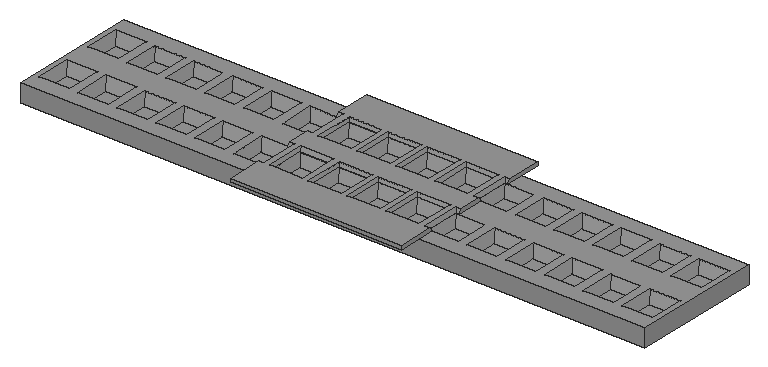
Revit family "2023691", category Lighting Fixtures, host Face, Revit 2018
Family settings
  Host = Face
  Round Connector Dimension = Use Diameter
  Part Type = Normal
  OmniClass Number = 23.80.70.00
  OmniClass Title = Lighting
  Cut with Voids When Loaded = No
  Light Source = Yes
  Shared = No
  Room Calculation Point = No
Parameters (values of type "2023691 OPTIX R 1250 2L 4K WHT")
  Weight = "n/a"
  Wattage Comments = ""
  Wattage = 9.2903 W
  WarrantyStartDate [instance] = "n/a"
  WarrantyGuarantorParts = "n/a"
  WarrantyDurationUnit = "n/a"
  WarrantyDurationParts = ""
  WarrantyDescription = "http://www.sylvania-lighting.com"
  built-in parameter 1150110 = 1 (stored number, unit not read)
  Voltage = 0 V
  URL = "0.95"
  TypeName = "OPTIX RECESSED 1250 2L 4000K WHT"
  Type Image = <None>
  Type Comments = "n/a"
  built-in parameter 1114217 = 1 (stored number, unit not read)
  Tilt Angle = -90.00°
  built-in parameter 1150109 = 1 (stored number, unit not read)
  built-in parameter 1150134 = 3
  built-in parameter 1150113 = 1 (stored number, unit not read)
  SerialNumber [instance] = "n/a"
  Photometric Web File = "2023691.ies"
  Material_3_SYL = none
  PowerFactor = 0
  PowerConsumption = "Lighting"
  NominalLength = 308.5 mm
  NominalHeight = 38 mm
  NominalDepth = 308 mm
  Name = "OPTIX RECESSED 1250 2L 4000K WHT"
  ModelReference = Name  # "OPTIX RECESSED 1250 2L 4000K WHT"
  ModelNumber = "2023691"
  Model = Name  # "OPTIX RECESSED 1250 2L 4000K WHT"
  Material = "Feilo Sylvania"
  ManufacturerName = "144 lm/W"
  Manufacturer = ""
  LuminousEfficacy = ""
  built-in parameter 1150105 = 109.82 (stored number, unit not read)
  Lumens = 1380 lm
  LuminaireType = "0"
  built-in parameter 1150115 = 1 (stored number, unit not read)
  LightOutputRatio = "LED"
  built-in parameter 1150137 = (empty or 0)
  built-in parameter 1150139 = (empty or 0)
  LampsType = Lamp  # "n/a"
  LampNominalLuminous = "4000 K"
  LampMacAdamStep = "80"
  LampColourTemperature = "LED"
  LampColourRenderingIndex = "16500"
  built-in parameter 1150112 = 1 (stored number, unit not read)
  built-in parameter 1150114 = 1 (stored number, unit not read)
  Lamp = "n/a"
  Keynote = "n/a"
  InstallationDate [instance] = "n/a"
  InputVoltage = "0"
  InputNominalFrequency = "4000"
  built-in parameter 1150132 = (empty or 0)
  built-in parameter 1150102 = (empty or 0)
  built-in parameter 1150107 = 3200 (stored number, unit not read)
  built-in parameter 1150138 = (empty or 0)
  IngressProtection = "IfcLightFixtureType"
  ImpactProtectionIndex = "IfcLightFixtureType"
  built-in parameter 1150106 = 1.0982 (stored number, unit not read)
  IfcExportType = "IfcLightFixtureType"
  IfcExportAs = "Class I"
  Emit from Circle Diameter = 609.6 mm
  Emit Shape Visible in Rendering = no
  ElectricShockClassification = "144"
  built-in parameter 1150104 = 13.8 (stored number, unit not read)
  DocumentationLiterature = "http://www.sylvania-lighting.com/product/en-int/products/2023691"
  DimmingControlOptions = "n/a"
  Material_2_SYL = none
  Dimming Lamp Color Temperature Shift = <None>
  Description = "OPTIX RECESSED 1250x310 2L 4000K WHT is a high efficacy low glare luminaire for office and education applications. Ceiling recessed 1250x310 mm. White plastic low glare optics in 2 lines configuration. White RAL9016 fixture body. Constant current driver. 4000K Neutral White LED, CRI>80, chromaticity tolerance of 3-step MacAdam ellipse. Luminous flux 3450lm. Power consumption 24W. Luminaire efficacy 144lm/W. Lifespan: 48,500 hours L90B10. UGR<19, Luminance at 65°<3000 Cd/m2, IK07, IP20. Photobiological safety risk group 0. Electrical protection Class I. Glow wire test 850°C."
  Default Elevation = 1219.2 mm
  CreatedOn = "13/10/2022"
  CreatedBy = "@sylvania-lighting.com"
  Cost = 0
  Color Filter = 16777215
  built-in parameter 1114216 [instance] = (empty or 0)
  ClassificationValue = "EF_70_80"
  ClassificationName = "Uniclass2015"
  Material_1_SYL = none
  BarCode [instance] = "n/a"
  built-in parameter 1114218 = 1 (stored number, unit not read)
  built-in parameter 1150133 = 10 (stored number, unit not read)
  AssetType = "Fixed"
  AssetIdentifier [instance] = "n/a"
  Assembly Code = "D5020200"
  Apparent Load = 24 VA
  Material_4_SYL = none
Reference planes
  plane 1 "Center (Front/Back)": y = 0
  plane 2: z = 0
  plane 3 "Center (Left/Right)": x = 0
  plane 4: x = -154.25
  plane 5: x = 154.25
  plane 6: y = 154
  plane 7: y = -154
  plane 8: z = -32
  plane 9: z = 6
  plane 10: y = -116
  plane 11: y = 116
  plane 12: x = -563
  plane 13: x = 563
  plane 14: y = 90
  plane 15: y = -90
  plane 16: x = 275
  plane 17: x = 285
  plane 18: x = 345
  plane 19: x = 355
  plane 20: x = 415
  plane 21: x = 425
  plane 22: x = 485
  plane 23: x = 495
  plane 24: x = -275
  plane 25: x = -285
  plane 26: x = -345
  plane 27: x = -355
  plane 28: x = -415
  plane 29: x = -425
  plane 30: x = -485
  plane 31: x = -495
Forms (mm)
  Extrusion 1, solid, material "Aluminum", detail levels medium+fine
    sketch origin (0, 0, 0) x (1, 0, 0) y (0, 1, 0)
      loop
        line (-154.25, 154) -> (-154.25, -154) -> (154.25, -154) -> (154.25, 154) -> (-154.25, 154)
    from 0 to 6
  Extrusion 2, solid, material "Aluminum", detail levels medium+fine
    sketch origin (0, 0, 0) x (1, 0, 0) y (0, 1, 0)
      loop
        line (-563, 116) -> (-563, -116) -> (563, -116) -> (563, 116) -> (-563, 116)
    from 0 to -32
  Blend 3, void
    base sketch origin (0.2, -114, 0) x (1, 0, 0) y (0, 1, 0)
      loop
        line (-275.2, 204) -> (-275.2, 134) -> (-215.2, 134) -> (-215.2, 204) -> (-275.2, 204)
    top sketch origin (0.2, -114, 0) x (1, 0, 0) y (0, 1, 0)
      loop
        line (-265.2, 189) -> (-265.2, 149) -> (-225.2, 149) -> (-225.2, 189) -> (-265.2, 189)
    from 6 to -19
  Blend 4, void
    base sketch origin (70.2, -114, 0) x (1, 0, 0) y (0, 1, 0)
      loop
        line (-275.2, 204) -> (-275.2, 134) -> (-215.2, 134) -> (-215.2, 204) -> (-275.2, 204)
    top sketch origin (70.2, -114, 0) x (1, 0, 0) y (0, 1, 0)
      loop
        line (-265.2, 189) -> (-265.2, 149) -> (-225.2, 149) -> (-225.2, 189) -> (-265.2, 189)
    from 6 to -19
  Blend 5, void
    base sketch origin (140.2, -114, 0) x (1, 0, 0) y (0, 1, 0)
      loop
        line (-275.2, 204) -> (-275.2, 134) -> (-215.2, 134) -> (-215.2, 204) -> (-275.2, 204)
    top sketch origin (140.2, -114, 0) x (1, 0, 0) y (0, 1, 0)
      loop
        line (-265.2, 189) -> (-265.2, 149) -> (-225.2, 149) -> (-225.2, 189) -> (-265.2, 189)
    from 6 to -19
  Blend 6, void
    base sketch origin (210.2, -114, 0) x (1, 0, 0) y (0, 1, 0)
      loop
        line (-275.2, 204) -> (-275.2, 134) -> (-215.2, 134) -> (-215.2, 204) -> (-275.2, 204)
    top sketch origin (210.2, -114, 0) x (1, 0, 0) y (0, 1, 0)
      loop
        line (-265.2, 189) -> (-265.2, 149) -> (-225.2, 149) -> (-225.2, 189) -> (-265.2, 189)
    from 6 to -19
  Blend 7, void
    base sketch origin (280.2, -114, 0) x (1, 0, 0) y (0, 1, 0)
      loop
        line (-275.2, 204) -> (-275.2, 134) -> (-215.2, 134) -> (-215.2, 204) -> (-275.2, 204)
    top sketch origin (280.2, -114, 0) x (1, 0, 0) y (0, 1, 0)
      loop
        line (-265.2, 189) -> (-265.2, 149) -> (-225.2, 149) -> (-225.2, 189) -> (-265.2, 189)
    from 6 to -19
  Blend 8, void
    base sketch origin (350.2, -114, 0) x (1, 0, 0) y (0, 1, 0)
      loop
        line (-275.2, 204) -> (-275.2, 134) -> (-215.2, 134) -> (-215.2, 204) -> (-275.2, 204)
    top sketch origin (350.2, -114, 0) x (1, 0, 0) y (0, 1, 0)
      loop
        line (-265.2, 189) -> (-265.2, 149) -> (-225.2, 149) -> (-225.2, 189) -> (-265.2, 189)
    from 6 to -19
  Blend 9, void
    base sketch origin (420.2, -114, 0) x (1, 0, 0) y (0, 1, 0)
      loop
        line (-275.2, 204) -> (-275.2, 134) -> (-215.2, 134) -> (-215.2, 204) -> (-275.2, 204)
    top sketch origin (420.2, -114, 0) x (1, 0, 0) y (0, 1, 0)
      loop
        line (-265.2, 189) -> (-265.2, 149) -> (-225.2, 149) -> (-225.2, 189) -> (-265.2, 189)
    from 6 to -19
  Blend 10, void
    base sketch origin (490.2, -114, 0) x (1, 0, 0) y (0, 1, 0)
      loop
        line (-275.2, 204) -> (-275.2, 134) -> (-215.2, 134) -> (-215.2, 204) -> (-275.2, 204)
    top sketch origin (490.2, -114, 0) x (1, 0, 0) y (0, 1, 0)
      loop
        line (-265.2, 189) -> (-265.2, 149) -> (-225.2, 149) -> (-225.2, 189) -> (-265.2, 189)
    from 6 to -19
  Blend 11, void
    base sketch origin (560.2, -114, 0) x (1, 0, 0) y (0, 1, 0)
      loop
        line (-275.2, 204) -> (-275.2, 134) -> (-215.2, 134) -> (-215.2, 204) -> (-275.2, 204)
    top sketch origin (560.2, -114, 0) x (1, 0, 0) y (0, 1, 0)
      loop
        line (-265.2, 189) -> (-265.2, 149) -> (-225.2, 149) -> (-225.2, 189) -> (-265.2, 189)
    from 6 to -19
  Blend 12, void
    base sketch origin (630.2, -114, 0) x (1, 0, 0) y (0, 1, 0)
      loop
        line (-275.2, 204) -> (-275.2, 134) -> (-215.2, 134) -> (-215.2, 204) -> (-275.2, 204)
    top sketch origin (630.2, -114, 0) x (1, 0, 0) y (0, 1, 0)
      loop
        line (-265.2, 189) -> (-265.2, 149) -> (-225.2, 149) -> (-225.2, 189) -> (-265.2, 189)
    from 6 to -19
  Blend 13, void
    base sketch origin (700.2, -114, 0) x (1, 0, 0) y (0, 1, 0)
      loop
        line (-275.2, 204) -> (-275.2, 134) -> (-215.2, 134) -> (-215.2, 204) -> (-275.2, 204)
    top sketch origin (700.2, -114, 0) x (1, 0, 0) y (0, 1, 0)
      loop
        line (-265.2, 189) -> (-265.2, 149) -> (-225.2, 149) -> (-225.2, 189) -> (-265.2, 189)
    from 6 to -19
  Blend 14, void
    base sketch origin (770.2, -114, 0) x (1, 0, 0) y (0, 1, 0)
      loop
        line (-275.2, 204) -> (-275.2, 134) -> (-215.2, 134) -> (-215.2, 204) -> (-275.2, 204)
    top sketch origin (770.2, -114, 0) x (1, 0, 0) y (0, 1, 0)
      loop
        line (-265.2, 189) -> (-265.2, 149) -> (-225.2, 149) -> (-225.2, 189) -> (-265.2, 189)
    from 6 to -19
  Blend 15, void
    base sketch origin (-69.8, -114, 0) x (1, 0, 0) y (0, 1, 0)
      loop
        line (-275.2, 204) -> (-275.2, 134) -> (-215.2, 134) -> (-215.2, 204) -> (-275.2, 204)
    top sketch origin (-69.8, -114, 0) x (1, 0, 0) y (0, 1, 0)
      loop
        line (-265.2, 189) -> (-265.2, 149) -> (-225.2, 149) -> (-225.2, 189) -> (-265.2, 189)
    from 6 to -19
  Blend 16, void
    base sketch origin (-139.8, -114, 0) x (1, 0, 0) y (0, 1, 0)
      loop
        line (-275.2, 204) -> (-275.2, 134) -> (-215.2, 134) -> (-215.2, 204) -> (-275.2, 204)
    top sketch origin (-139.8, -114, 0) x (1, 0, 0) y (0, 1, 0)
      loop
        line (-265.2, 189) -> (-265.2, 149) -> (-225.2, 149) -> (-225.2, 189) -> (-265.2, 189)
    from 6 to -19
  Blend 17, void
    base sketch origin (-209.8, -114, 0) x (1, 0, 0) y (0, 1, 0)
      loop
        line (-275.2, 204) -> (-275.2, 134) -> (-215.2, 134) -> (-215.2, 204) -> (-275.2, 204)
    top sketch origin (-209.8, -114, 0) x (1, 0, 0) y (0, 1, 0)
      loop
        line (-265.2, 189) -> (-265.2, 149) -> (-225.2, 149) -> (-225.2, 189) -> (-265.2, 189)
    from 6 to -19
  Blend 18, void
    base sketch origin (-279.8, -114, 0) x (1, 0, 0) y (0, 1, 0)
      loop
        line (-275.2, 204) -> (-275.2, 134) -> (-215.2, 134) -> (-215.2, 204) -> (-275.2, 204)
    top sketch origin (-279.8, -114, 0) x (1, 0, 0) y (0, 1, 0)
      loop
        line (-265.2, 189) -> (-265.2, 149) -> (-225.2, 149) -> (-225.2, 189) -> (-265.2, 189)
    from 6 to -19
  Blend 19, void
    base sketch origin (0.2, -224, 0) x (1, 0, 0) y (0, 1, 0)
      loop
        line (-275.2, 204) -> (-275.2, 134) -> (-215.2, 134) -> (-215.2, 204) -> (-275.2, 204)
    top sketch origin (0.2, -224, 0) x (1, 0, 0) y (0, 1, 0)
      loop
        line (-265.2, 189) -> (-265.2, 149) -> (-225.2, 149) -> (-225.2, 189) -> (-265.2, 189)
    from 6 to -19
  Blend 20, void
    base sketch origin (70.2, -224, 0) x (1, 0, 0) y (0, 1, 0)
      loop
        line (-275.2, 204) -> (-275.2, 134) -> (-215.2, 134) -> (-215.2, 204) -> (-275.2, 204)
    top sketch origin (70.2, -224, 0) x (1, 0, 0) y (0, 1, 0)
      loop
        line (-265.2, 189) -> (-265.2, 149) -> (-225.2, 149) -> (-225.2, 189) -> (-265.2, 189)
    from 6 to -19
  Blend 21, void
    base sketch origin (140.2, -224, 0) x (1, 0, 0) y (0, 1, 0)
      loop
        line (-275.2, 204) -> (-275.2, 134) -> (-215.2, 134) -> (-215.2, 204) -> (-275.2, 204)
    top sketch origin (140.2, -224, 0) x (1, 0, 0) y (0, 1, 0)
      loop
        line (-265.2, 189) -> (-265.2, 149) -> (-225.2, 149) -> (-225.2, 189) -> (-265.2, 189)
    from 6 to -19
  Blend 22, void
    base sketch origin (210.2, -224, 0) x (1, 0, 0) y (0, 1, 0)
      loop
        line (-275.2, 204) -> (-275.2, 134) -> (-215.2, 134) -> (-215.2, 204) -> (-275.2, 204)
    top sketch origin (210.2, -224, 0) x (1, 0, 0) y (0, 1, 0)
      loop
        line (-265.2, 189) -> (-265.2, 149) -> (-225.2, 149) -> (-225.2, 189) -> (-265.2, 189)
    from 6 to -19
  Blend 23, void
    base sketch origin (280.2, -224, 0) x (1, 0, 0) y (0, 1, 0)
      loop
        line (-275.2, 204) -> (-275.2, 134) -> (-215.2, 134) -> (-215.2, 204) -> (-275.2, 204)
    top sketch origin (280.2, -224, 0) x (1, 0, 0) y (0, 1, 0)
      loop
        line (-265.2, 189) -> (-265.2, 149) -> (-225.2, 149) -> (-225.2, 189) -> (-265.2, 189)
    from 6 to -19
  Blend 24, void
    base sketch origin (350.2, -224, 0) x (1, 0, 0) y (0, 1, 0)
      loop
        line (-275.2, 204) -> (-275.2, 134) -> (-215.2, 134) -> (-215.2, 204) -> (-275.2, 204)
    top sketch origin (350.2, -224, 0) x (1, 0, 0) y (0, 1, 0)
      loop
        line (-265.2, 189) -> (-265.2, 149) -> (-225.2, 149) -> (-225.2, 189) -> (-265.2, 189)
    from 6 to -19
  Blend 25, void
    base sketch origin (420.2, -224, 0) x (1, 0, 0) y (0, 1, 0)
      loop
        line (-275.2, 204) -> (-275.2, 134) -> (-215.2, 134) -> (-215.2, 204) -> (-275.2, 204)
    top sketch origin (420.2, -224, 0) x (1, 0, 0) y (0, 1, 0)
      loop
        line (-265.2, 189) -> (-265.2, 149) -> (-225.2, 149) -> (-225.2, 189) -> (-265.2, 189)
    from 6 to -19
  Blend 26, void
    base sketch origin (490.2, -224, 0) x (1, 0, 0) y (0, 1, 0)
      loop
        line (-275.2, 204) -> (-275.2, 134) -> (-215.2, 134) -> (-215.2, 204) -> (-275.2, 204)
    top sketch origin (490.2, -224, 0) x (1, 0, 0) y (0, 1, 0)
      loop
        line (-265.2, 189) -> (-265.2, 149) -> (-225.2, 149) -> (-225.2, 189) -> (-265.2, 189)
    from 6 to -19
  Blend 27, void
    base sketch origin (560.2, -224, 0) x (1, 0, 0) y (0, 1, 0)
      loop
        line (-275.2, 204) -> (-275.2, 134) -> (-215.2, 134) -> (-215.2, 204) -> (-275.2, 204)
    top sketch origin (560.2, -224, 0) x (1, 0, 0) y (0, 1, 0)
      loop
        line (-265.2, 189) -> (-265.2, 149) -> (-225.2, 149) -> (-225.2, 189) -> (-265.2, 189)
    from 6 to -19
  Blend 28, void
    base sketch origin (630.2, -224, 0) x (1, 0, 0) y (0, 1, 0)
      loop
        line (-275.2, 204) -> (-275.2, 134) -> (-215.2, 134) -> (-215.2, 204) -> (-275.2, 204)
    top sketch origin (630.2, -224, 0) x (1, 0, 0) y (0, 1, 0)
      loop
        line (-265.2, 189) -> (-265.2, 149) -> (-225.2, 149) -> (-225.2, 189) -> (-265.2, 189)
    from 6 to -19
  Blend 29, void
    base sketch origin (700.2, -224, 0) x (1, 0, 0) y (0, 1, 0)
      loop
        line (-275.2, 204) -> (-275.2, 134) -> (-215.2, 134) -> (-215.2, 204) -> (-275.2, 204)
    top sketch origin (700.2, -224, 0) x (1, 0, 0) y (0, 1, 0)
      loop
        line (-265.2, 189) -> (-265.2, 149) -> (-225.2, 149) -> (-225.2, 189) -> (-265.2, 189)
    from 6 to -19
  Blend 30, void
    base sketch origin (770.2, -224, 0) x (1, 0, 0) y (0, 1, 0)
      loop
        line (-275.2, 204) -> (-275.2, 134) -> (-215.2, 134) -> (-215.2, 204) -> (-275.2, 204)
    top sketch origin (770.2, -224, 0) x (1, 0, 0) y (0, 1, 0)
      loop
        line (-265.2, 189) -> (-265.2, 149) -> (-225.2, 149) -> (-225.2, 189) -> (-265.2, 189)
    from 6 to -19
  Blend 31, void
    base sketch origin (-69.8, -224, 0) x (1, 0, 0) y (0, 1, 0)
      loop
        line (-275.2, 204) -> (-275.2, 134) -> (-215.2, 134) -> (-215.2, 204) -> (-275.2, 204)
    top sketch origin (-69.8, -224, 0) x (1, 0, 0) y (0, 1, 0)
      loop
        line (-265.2, 189) -> (-265.2, 149) -> (-225.2, 149) -> (-225.2, 189) -> (-265.2, 189)
    from 6 to -19
  Blend 32, void
    base sketch origin (-139.8, -224, 0) x (1, 0, 0) y (0, 1, 0)
      loop
        line (-275.2, 204) -> (-275.2, 134) -> (-215.2, 134) -> (-215.2, 204) -> (-275.2, 204)
    top sketch origin (-139.8, -224, 0) x (1, 0, 0) y (0, 1, 0)
      loop
        line (-265.2, 189) -> (-265.2, 149) -> (-225.2, 149) -> (-225.2, 189) -> (-265.2, 189)
    from 6 to -19
  Blend 33, void
    base sketch origin (-209.8, -224, 0) x (1, 0, 0) y (0, 1, 0)
      loop
        line (-275.2, 204) -> (-275.2, 134) -> (-215.2, 134) -> (-215.2, 204) -> (-275.2, 204)
    top sketch origin (-209.8, -224, 0) x (1, 0, 0) y (0, 1, 0)
      loop
        line (-265.2, 189) -> (-265.2, 149) -> (-225.2, 149) -> (-225.2, 189) -> (-265.2, 189)
    from 6 to -19
  Blend 34, void
    base sketch origin (-279.8, -224, 0) x (1, 0, 0) y (0, 1, 0)
      loop
        line (-275.2, 204) -> (-275.2, 134) -> (-215.2, 134) -> (-215.2, 204) -> (-275.2, 204)
    top sketch origin (-279.8, -224, 0) x (1, 0, 0) y (0, 1, 0)
      loop
        line (-265.2, 189) -> (-265.2, 149) -> (-225.2, 149) -> (-225.2, 189) -> (-265.2, 189)
    from 6 to -19
  Extrusion 35, solid, detail levels coarse
    sketch origin (0, 0, 0) x (1, 0, 0) y (0, 0, 1)
      loop
        line (-154.25, 6) -> (-154.25, -32) -> (154.25, -32) -> (154.25, 6) -> (-154.25, 6)
    from -154 to 154
  Extrusion 36, solid, material "Glass, White, High Luminance", detail levels fine
    sketch origin (0, 0, 0) x (1, 0, 0) y (0, 1, 0)
      loop
        line (-545, 75) -> (-545, 35) -> (-505, 35) -> (-505, 75) -> (-545, 75)
    from -19 to -18
  Extrusion 37, solid, material "Glass, White, High Luminance", detail levels fine
    sketch origin (70, 0, 0) x (1, 0, 0) y (0, 1, 0)
      loop
        line (-545, 75) -> (-545, 35) -> (-505, 35) -> (-505, 75) -> (-545, 75)
    from -19 to -18
  Extrusion 38, solid, material "Glass, White, High Luminance", detail levels fine
    sketch origin (140, 0, 0) x (1, 0, 0) y (0, 1, 0)
      loop
        line (-545, 75) -> (-545, 35) -> (-505, 35) -> (-505, 75) -> (-545, 75)
    from -19 to -18
  Extrusion 39, solid, material "Glass, White, High Luminance", detail levels fine
    sketch origin (210, 0, 0) x (1, 0, 0) y (0, 1, 0)
      loop
        line (-545, 75) -> (-545, 35) -> (-505, 35) -> (-505, 75) -> (-545, 75)
    from -19 to -18
  Extrusion 40, solid, material "Glass, White, High Luminance", detail levels fine
    sketch origin (280, 0, 0) x (1, 0, 0) y (0, 1, 0)
      loop
        line (-545, 75) -> (-545, 35) -> (-505, 35) -> (-505, 75) -> (-545, 75)
    from -19 to -18
  Extrusion 41, solid, material "Glass, White, High Luminance", detail levels fine
    sketch origin (350, 0, 0) x (1, 0, 0) y (0, 1, 0)
      loop
        line (-545, 75) -> (-545, 35) -> (-505, 35) -> (-505, 75) -> (-545, 75)
    from -19 to -18
  Extrusion 42, solid, material "Glass, White, High Luminance", detail levels fine
    sketch origin (420, 0, 0) x (1, 0, 0) y (0, 1, 0)
      loop
        line (-545, 75) -> (-545, 35) -> (-505, 35) -> (-505, 75) -> (-545, 75)
    from -19 to -18
  Extrusion 43, solid, material "Glass, White, High Luminance", detail levels fine
    sketch origin (490, 0, 0) x (1, 0, 0) y (0, 1, 0)
      loop
        line (-545, 75) -> (-545, 35) -> (-505, 35) -> (-505, 75) -> (-545, 75)
    from -19 to -18
  Extrusion 44, solid, material "Glass, White, High Luminance", detail levels fine
    sketch origin (560, 0, 0) x (1, 0, 0) y (0, 1, 0)
      loop
        line (-545, 75) -> (-545, 35) -> (-505, 35) -> (-505, 75) -> (-545, 75)
    from -19 to -18
  Extrusion 45, solid, material "Glass, White, High Luminance", detail levels fine
    sketch origin (630, 0, 0) x (1, 0, 0) y (0, 1, 0)
      loop
        line (-545, 75) -> (-545, 35) -> (-505, 35) -> (-505, 75) -> (-545, 75)
    from -19 to -18
  Extrusion 46, solid, material "Glass, White, High Luminance", detail levels fine
    sketch origin (700, 0, 0) x (1, 0, 0) y (0, 1, 0)
      loop
        line (-545, 75) -> (-545, 35) -> (-505, 35) -> (-505, 75) -> (-545, 75)
    from -19 to -18
  Extrusion 47, solid, material "Glass, White, High Luminance", detail levels fine
    sketch origin (770, 0, 0) x (1, 0, 0) y (0, 1, 0)
      loop
        line (-545, 75) -> (-545, 35) -> (-505, 35) -> (-505, 75) -> (-545, 75)
    from -19 to -18
  Extrusion 48, solid, material "Glass, White, High Luminance", detail levels fine
    sketch origin (840, 0, 0) x (1, 0, 0) y (0, 1, 0)
      loop
        line (-545, 75) -> (-545, 35) -> (-505, 35) -> (-505, 75) -> (-545, 75)
    from -19 to -18
  Extrusion 49, solid, material "Glass, White, High Luminance", detail levels fine
    sketch origin (910, 0, 0) x (1, 0, 0) y (0, 1, 0)
      loop
        line (-545, 75) -> (-545, 35) -> (-505, 35) -> (-505, 75) -> (-545, 75)
    from -19 to -18
  Extrusion 50, solid, material "Glass, White, High Luminance", detail levels fine
    sketch origin (980, 0, 0) x (1, 0, 0) y (0, 1, 0)
      loop
        line (-545, 75) -> (-545, 35) -> (-505, 35) -> (-505, 75) -> (-545, 75)
    from -19 to -18
  Extrusion 51, solid, material "Glass, White, High Luminance", detail levels fine
    sketch origin (1050, 0, 0) x (1, 0, 0) y (0, 1, 0)
      loop
        line (-545, 75) -> (-545, 35) -> (-505, 35) -> (-505, 75) -> (-545, 75)
    from -19 to -18
  Extrusion 52, solid, material "Glass, White, High Luminance", detail levels fine
    sketch origin (0, -110, 0) x (1, 0, 0) y (0, 1, 0)
      loop
        line (-545, 75) -> (-545, 35) -> (-505, 35) -> (-505, 75) -> (-545, 75)
    from -19 to -18
  Extrusion 53, solid, material "Glass, White, High Luminance", detail levels fine
    sketch origin (70, -110, 0) x (1, 0, 0) y (0, 1, 0)
      loop
        line (-545, 75) -> (-545, 35) -> (-505, 35) -> (-505, 75) -> (-545, 75)
    from -19 to -18
  Extrusion 54, solid, material "Glass, White, High Luminance", detail levels fine
    sketch origin (140, -110, 0) x (1, 0, 0) y (0, 1, 0)
      loop
        line (-545, 75) -> (-545, 35) -> (-505, 35) -> (-505, 75) -> (-545, 75)
    from -19 to -18
  Extrusion 55, solid, material "Glass, White, High Luminance", detail levels fine
    sketch origin (210, -110, 0) x (1, 0, 0) y (0, 1, 0)
      loop
        line (-545, 75) -> (-545, 35) -> (-505, 35) -> (-505, 75) -> (-545, 75)
    from -19 to -18
  Extrusion 56, solid, material "Glass, White, High Luminance", detail levels fine
    sketch origin (280, -110, 0) x (1, 0, 0) y (0, 1, 0)
      loop
        line (-545, 75) -> (-545, 35) -> (-505, 35) -> (-505, 75) -> (-545, 75)
    from -19 to -18
  Extrusion 57, solid, material "Glass, White, High Luminance", detail levels fine
    sketch origin (350, -110, 0) x (1, 0, 0) y (0, 1, 0)
      loop
        line (-545, 75) -> (-545, 35) -> (-505, 35) -> (-505, 75) -> (-545, 75)
    from -19 to -18
  Extrusion 58, solid, material "Glass, White, High Luminance", detail levels fine
    sketch origin (420, -110, 0) x (1, 0, 0) y (0, 1, 0)
      loop
        line (-545, 75) -> (-545, 35) -> (-505, 35) -> (-505, 75) -> (-545, 75)
    from -19 to -18
  Extrusion 59, solid, material "Glass, White, High Luminance", detail levels fine
    sketch origin (490, -110, 0) x (1, 0, 0) y (0, 1, 0)
      loop
        line (-545, 75) -> (-545, 35) -> (-505, 35) -> (-505, 75) -> (-545, 75)
    from -19 to -18
  Extrusion 60, solid, material "Glass, White, High Luminance", detail levels fine
    sketch origin (560, -110, 0) x (1, 0, 0) y (0, 1, 0)
      loop
        line (-545, 75) -> (-545, 35) -> (-505, 35) -> (-505, 75) -> (-545, 75)
    from -19 to -18
  Extrusion 61, solid, material "Glass, White, High Luminance", detail levels fine
    sketch origin (630, -110, 0) x (1, 0, 0) y (0, 1, 0)
      loop
        line (-545, 75) -> (-545, 35) -> (-505, 35) -> (-505, 75) -> (-545, 75)
    from -19 to -18
  Extrusion 62, solid, material "Glass, White, High Luminance", detail levels fine
    sketch origin (700, -110, 0) x (1, 0, 0) y (0, 1, 0)
      loop
        line (-545, 75) -> (-545, 35) -> (-505, 35) -> (-505, 75) -> (-545, 75)
    from -19 to -18
  Extrusion 63, solid, material "Glass, White, High Luminance", detail levels fine
    sketch origin (770, -110, 0) x (1, 0, 0) y (0, 1, 0)
      loop
        line (-545, 75) -> (-545, 35) -> (-505, 35) -> (-505, 75) -> (-545, 75)
    from -19 to -18
  Extrusion 64, solid, material "Glass, White, High Luminance", detail levels fine
    sketch origin (840, -110, 0) x (1, 0, 0) y (0, 1, 0)
      loop
        line (-545, 75) -> (-545, 35) -> (-505, 35) -> (-505, 75) -> (-545, 75)
    from -19 to -18
  Extrusion 65, solid, material "Glass, White, High Luminance", detail levels fine
    sketch origin (910, -110, 0) x (1, 0, 0) y (0, 1, 0)
      loop
        line (-545, 75) -> (-545, 35) -> (-505, 35) -> (-505, 75) -> (-545, 75)
    from -19 to -18
  Extrusion 66, solid, material "Glass, White, High Luminance", detail levels fine
    sketch origin (980, -110, 0) x (1, 0, 0) y (0, 1, 0)
      loop
        line (-545, 75) -> (-545, 35) -> (-505, 35) -> (-505, 75) -> (-545, 75)
    from -19 to -18
  Extrusion 67, solid, material "Glass, White, High Luminance", detail levels fine
    sketch origin (1050, -110, 0) x (1, 0, 0) y (0, 1, 0)
      loop
        line (-545, 75) -> (-545, 35) -> (-505, 35) -> (-505, 75) -> (-545, 75)
    from -19 to -18
Cuts and joins
  Blend 3, Blend 4, Blend 5, Blend 6, Blend 7, Blend 8, Blend 9, Blend 10, Blend 11, Blend 12, Blend 13, Blend 14, Blend 15, Blend 16, Blend 17, Blend 18, Blend 19, Blend 20, Blend 21, Blend 22, Blend 23, Blend 24, Blend 25, Blend 26, Blend 27, Blend 28, Blend 29, Blend 30, Blend 31, Blend 32, Blend 33, Blend 34 cuts Extrusion 1
  Blend 3, Blend 4, Blend 5, Blend 6, Blend 7, Blend 8, Blend 9, Blend 10, Blend 11, Blend 12, Blend 13, Blend 14, Blend 15, Blend 16, Blend 17, Blend 18, Blend 19, Blend 20, Blend 21, Blend 22, Blend 23, Blend 24, Blend 25, Blend 26, Blend 27, Blend 28, Blend 29, Blend 30, Blend 31, Blend 32, Blend 33, Blend 34 cuts Extrusion 2
Dimensions and locks
  "NominalLength": plane 4 to plane 5
  equal spacing: plane 4, plane 3 "Center (Left/Right)", plane 5
  "NominalDepth": plane 6 to plane 7
  equal spacing: plane 6, plane 1 "Center (Front/Back)", plane 7
  plane 8 to plane 2 = 32 mm
  plane 9 to plane 2 = 6 mm
  "NominalHeight": plane 8 to plane 9
  aligned and locked: plane 2 to host face
  aligned and locked: level to host face
Automatic sketch dimensions
  host sketch curve to host sketch curve = 2438.4 mm  (x2)
  Extrusion 1 sketch curve to plane 4 = 0 mm
  Extrusion 1 sketch curve to plane 5 = 0 mm
  Extrusion 1 sketch curve to plane 7 = 0 mm
  Extrusion 1 sketch curve to plane 6 = 0 mm
  Extrusion 2 sketch curve to plane 10 = 0 mm
  Extrusion 2 sketch curve to plane 12 = 0 mm
  Extrusion 2 sketch curve to plane 13 = 0 mm
  Extrusion 2 sketch curve to plane 11 = 0 mm
  Blend 3 sketch curve to plane 24 = 0 mm
  Blend 3 sketch curve to plane 14 = 0 mm
  Blend 3 sketch curve to plane 1 "Center (Front/Back)" = 20 mm
  Blend 3 sketch curve to Blend 3 sketch curve = 60 mm
  plane 24 to Blend 3 sketch curve = 10 mm
  Blend 3 sketch curve to Blend 3 sketch curve = 40 mm
  Blend 3 sketch curve to plane 1 "Center (Front/Back)" = 35 mm
  Blend 3 sketch curve to plane 14 = 15 mm
  Blend 4 sketch curve to plane 14 = 0 mm
  Blend 4 sketch curve to plane 1 "Center (Front/Back)" = 20 mm
  plane 24 to Blend 4 sketch curve = 70 mm
  Blend 4 sketch curve to Blend 4 sketch curve = 60 mm
  Blend 4 sketch curve to plane 1 "Center (Front/Back)" = 35 mm
  plane 24 to Blend 4 sketch curve = 80 mm
  Blend 4 sketch curve to Blend 4 sketch curve = 40 mm
  Blend 4 sketch curve to plane 14 = 15 mm
  Blend 5 sketch curve to plane 14 = 0 mm
  Blend 5 sketch curve to plane 1 "Center (Front/Back)" = 20 mm
  Blend 5 sketch curve to plane 3 "Center (Left/Right)" = 135 mm
  Blend 5 sketch curve to Blend 5 sketch curve = 60 mm
  Blend 5 sketch curve to plane 1 "Center (Front/Back)" = 35 mm
  Blend 5 sketch curve to plane 3 "Center (Left/Right)" = 125 mm
  Blend 5 sketch curve to Blend 5 sketch curve = 40 mm
  Blend 5 sketch curve to plane 14 = 15 mm
  Blend 6 sketch curve to plane 14 = 0 mm
  Blend 6 sketch curve to plane 1 "Center (Front/Back)" = 20 mm
  Blend 6 sketch curve to plane 3 "Center (Left/Right)" = 65 mm
  Blend 6 sketch curve to plane 3 "Center (Left/Right)" = 5 mm
  Blend 6 sketch curve to plane 3 "Center (Left/Right)" = 55 mm
  Blend 6 sketch curve to plane 3 "Center (Left/Right)" = 15 mm
  Blend 6 sketch curve to plane 1 "Center (Front/Back)" = 35 mm
  Blend 6 sketch curve to plane 14 = 15 mm
  Blend 7 sketch curve to plane 14 = 0 mm
  plane 3 "Center (Left/Right)" to Blend 7 sketch curve = 5 mm
  Blend 7 sketch curve to plane 1 "Center (Front/Back)" = 20 mm
  Blend 7 sketch curve to Blend 7 sketch curve = 60 mm
  plane 3 "Center (Left/Right)" to Blend 7 sketch curve = 15 mm
  Blend 7 sketch curve to Blend 7 sketch curve = 40 mm
  Blend 7 sketch curve to plane 1 "Center (Front/Back)" = 35 mm
  Blend 7 sketch curve to plane 14 = 15 mm
  Blend 8 sketch curve to plane 14 = 0 mm
  Blend 8 sketch curve to plane 1 "Center (Front/Back)" = 20 mm
  plane 3 "Center (Left/Right)" to Blend 8 sketch curve = 75 mm
  Blend 8 sketch curve to Blend 8 sketch curve = 60 mm
  Blend 8 sketch curve to plane 1 "Center (Front/Back)" = 35 mm
  plane 3 "Center (Left/Right)" to Blend 8 sketch curve = 85 mm
  Blend 8 sketch curve to Blend 8 sketch curve = 40 mm
  Blend 8 sketch curve to plane 14 = 15 mm
  Blend 9 sketch curve to plane 14 = 0 mm
  Blend 9 sketch curve to plane 1 "Center (Front/Back)" = 20 mm
  plane 16 to Blend 9 sketch curve = 130 mm
  Blend 9 sketch curve to Blend 9 sketch curve = 60 mm
  Blend 9 sketch curve to plane 1 "Center (Front/Back)" = 35 mm
  plane 16 to Blend 9 sketch curve = 120 mm
  Blend 9 sketch curve to Blend 9 sketch curve = 40 mm
  Blend 9 sketch curve to plane 14 = 15 mm
  Blend 10 sketch curve to plane 14 = 0 mm
  Blend 10 sketch curve to plane 16 = 0 mm
  Blend 10 sketch curve to Blend 10 sketch curve = 60 mm
  Blend 10 sketch curve to plane 1 "Center (Front/Back)" = 20 mm
  plane 16 to Blend 10 sketch curve = 50 mm
  plane 16 to Blend 10 sketch curve = 10 mm
  Blend 10 sketch curve to plane 1 "Center (Front/Back)" = 35 mm
  Blend 10 sketch curve to plane 14 = 15 mm
  Blend 11 sketch curve to plane 17 = 0 mm
  Blend 11 sketch curve to plane 18 = 0 mm
  Blend 11 sketch curve to plane 14 = 0 mm
  Blend 11 sketch curve to plane 1 "Center (Front/Back)" = 20 mm
  plane 17 to Blend 11 sketch curve = 10 mm
  plane 18 to Blend 11 sketch curve = 10 mm
  Blend 11 sketch curve to plane 1 "Center (Front/Back)" = 35 mm
  Blend 11 sketch curve to plane 14 = 15 mm
  Blend 12 sketch curve to plane 19 = 0 mm
  Blend 12 sketch curve to plane 20 = 0 mm
  Blend 12 sketch curve to plane 14 = 0 mm
  Blend 12 sketch curve to plane 1 "Center (Front/Back)" = 20 mm
  Blend 12 sketch curve to plane 19 = 10 mm
  plane 20 to Blend 12 sketch curve = 10 mm
  Blend 12 sketch curve to plane 1 "Center (Front/Back)" = 35 mm
  Blend 12 sketch curve to plane 14 = 15 mm
  Blend 13 sketch curve to plane 21 = 0 mm
  Blend 13 sketch curve to plane 22 = 0 mm
  Blend 13 sketch curve to plane 14 = 0 mm
  Blend 13 sketch curve to plane 1 "Center (Front/Back)" = 20 mm
  Blend 13 sketch curve to plane 21 = 10 mm
  plane 22 to Blend 13 sketch curve = 10 mm
  Blend 13 sketch curve to plane 1 "Center (Front/Back)" = 35 mm
  Blend 13 sketch curve to plane 14 = 15 mm
  Blend 14 sketch curve to plane 23 = 0 mm
  Blend 14 sketch curve to plane 14 = 0 mm
  Blend 14 sketch curve to plane 13 = 8 mm
  Blend 14 sketch curve to plane 1 "Center (Front/Back)" = 20 mm
  Blend 14 sketch curve to plane 23 = 10 mm
  Blend 14 sketch curve to plane 13 = 18 mm
  Blend 14 sketch curve to plane 1 "Center (Front/Back)" = 35 mm
  Blend 14 sketch curve to plane 14 = 15 mm
  Blend 15 sketch curve to plane 26 = 0 mm
  Blend 15 sketch curve to plane 25 = 0 mm
  Blend 15 sketch curve to plane 14 = 0 mm
  Blend 15 sketch curve to plane 1 "Center (Front/Back)" = 20 mm
  plane 26 to Blend 15 sketch curve = 10 mm
  Blend 15 sketch curve to plane 25 = 10 mm
  Blend 15 sketch curve to plane 1 "Center (Front/Back)" = 35 mm
  Blend 15 sketch curve to plane 14 = 15 mm
  Blend 16 sketch curve to plane 28 = 0 mm
  Blend 16 sketch curve to plane 27 = 0 mm
  Blend 16 sketch curve to plane 14 = 0 mm
  Blend 16 sketch curve to plane 1 "Center (Front/Back)" = 20 mm
  plane 28 to Blend 16 sketch curve = 10 mm
  Blend 16 sketch curve to plane 27 = 10 mm
  Blend 16 sketch curve to plane 1 "Center (Front/Back)" = 35 mm
  Blend 16 sketch curve to plane 14 = 15 mm
  Blend 17 sketch curve to plane 30 = 0 mm
  Blend 17 sketch curve to plane 29 = 0 mm
  Blend 17 sketch curve to plane 14 = 0 mm
  Blend 17 sketch curve to plane 1 "Center (Front/Back)" = 20 mm
  plane 30 to Blend 17 sketch curve = 10 mm
  Blend 17 sketch curve to plane 29 = 10 mm
  Blend 17 sketch curve to plane 1 "Center (Front/Back)" = 35 mm
  Blend 17 sketch curve to plane 14 = 15 mm
  Blend 18 sketch curve to plane 14 = 0 mm
  Blend 18 sketch curve to plane 31 = 0 mm
  plane 12 to Blend 18 sketch curve = 8 mm
  Blend 18 sketch curve to plane 1 "Center (Front/Back)" = 20 mm
  plane 12 to Blend 18 sketch curve = 18 mm
  Blend 18 sketch curve to plane 31 = 10 mm
  Blend 18 sketch curve to plane 1 "Center (Front/Back)" = 35 mm
  Blend 18 sketch curve to plane 14 = 15 mm
  Blend 19 sketch curve to plane 15 = 0 mm
  Blend 19 sketch curve to plane 24 = 0 mm
  Blend 19 sketch curve to Blend 19 sketch curve = 60 mm
  plane 1 "Center (Front/Back)" to Blend 19 sketch curve = 20 mm
  plane 24 to Blend 19 sketch curve = 10 mm
  plane 15 to Blend 19 sketch curve = 15 mm
  Blend 19 sketch curve to Blend 19 sketch curve = 40 mm
  plane 1 "Center (Front/Back)" to Blend 19 sketch curve = 35 mm
  Blend 20 sketch curve to plane 15 = 0 mm
  plane 24 to Blend 20 sketch curve = 70 mm
  Blend 20 sketch curve to Blend 20 sketch curve = 60 mm
  plane 1 "Center (Front/Back)" to Blend 20 sketch curve = 20 mm
  plane 15 to Blend 20 sketch curve = 15 mm
  plane 24 to Blend 20 sketch curve = 80 mm
  Blend 20 sketch curve to Blend 20 sketch curve = 40 mm
  plane 1 "Center (Front/Back)" to Blend 20 sketch curve = 35 mm
  Blend 21 sketch curve to plane 15 = 0 mm
  Blend 21 sketch curve to plane 3 "Center (Left/Right)" = 135 mm
  Blend 21 sketch curve to Blend 21 sketch curve = 60 mm
  plane 1 "Center (Front/Back)" to Blend 21 sketch curve = 20 mm
  plane 15 to Blend 21 sketch curve = 15 mm
  Blend 21 sketch curve to plane 3 "Center (Left/Right)" = 125 mm
  Blend 21 sketch curve to Blend 21 sketch curve = 40 mm
  plane 1 "Center (Front/Back)" to Blend 21 sketch curve = 35 mm
  Blend 22 sketch curve to plane 15 = 0 mm
  Blend 22 sketch curve to plane 3 "Center (Left/Right)" = 65 mm
  Blend 22 sketch curve to plane 3 "Center (Left/Right)" = 5 mm
  plane 1 "Center (Front/Back)" to Blend 22 sketch curve = 20 mm
  plane 15 to Blend 22 sketch curve = 15 mm
  Blend 22 sketch curve to plane 3 "Center (Left/Right)" = 55 mm
  Blend 22 sketch curve to plane 3 "Center (Left/Right)" = 15 mm
  plane 1 "Center (Front/Back)" to Blend 22 sketch curve = 35 mm
  Blend 23 sketch curve to plane 15 = 0 mm
  plane 3 "Center (Left/Right)" to Blend 23 sketch curve = 5 mm
  Blend 23 sketch curve to Blend 23 sketch curve = 60 mm
  plane 1 "Center (Front/Back)" to Blend 23 sketch curve = 20 mm
  plane 3 "Center (Left/Right)" to Blend 23 sketch curve = 15 mm
  plane 15 to Blend 23 sketch curve = 15 mm
  Blend 23 sketch curve to Blend 23 sketch curve = 40 mm
  plane 1 "Center (Front/Back)" to Blend 23 sketch curve = 35 mm
  Blend 24 sketch curve to plane 15 = 0 mm
  plane 3 "Center (Left/Right)" to Blend 24 sketch curve = 75 mm
  Blend 24 sketch curve to Blend 24 sketch curve = 60 mm
  plane 1 "Center (Front/Back)" to Blend 24 sketch curve = 20 mm
  plane 15 to Blend 24 sketch curve = 15 mm
  plane 3 "Center (Left/Right)" to Blend 24 sketch curve = 85 mm
  Blend 24 sketch curve to Blend 24 sketch curve = 40 mm
  plane 1 "Center (Front/Back)" to Blend 24 sketch curve = 35 mm
  Blend 25 sketch curve to plane 15 = 0 mm
  plane 16 to Blend 25 sketch curve = 130 mm
  Blend 25 sketch curve to Blend 25 sketch curve = 60 mm
  plane 1 "Center (Front/Back)" to Blend 25 sketch curve = 20 mm
  plane 15 to Blend 25 sketch curve = 15 mm
  plane 16 to Blend 25 sketch curve = 120 mm
  Blend 25 sketch curve to Blend 25 sketch curve = 40 mm
  plane 1 "Center (Front/Back)" to Blend 25 sketch curve = 35 mm
  Blend 26 sketch curve to plane 15 = 0 mm
  Blend 26 sketch curve to plane 16 = 0 mm
  plane 1 "Center (Front/Back)" to Blend 26 sketch curve = 20 mm
  Blend 26 sketch curve to Blend 26 sketch curve = 60 mm
  plane 15 to Blend 26 sketch curve = 15 mm
  plane 16 to Blend 26 sketch curve = 50 mm
  plane 16 to Blend 26 sketch curve = 10 mm
  plane 1 "Center (Front/Back)" to Blend 26 sketch curve = 35 mm
  Blend 27 sketch curve to plane 15 = 0 mm
  Blend 27 sketch curve to plane 17 = 0 mm
  Blend 27 sketch curve to plane 18 = 0 mm
  plane 1 "Center (Front/Back)" to Blend 27 sketch curve = 20 mm
  plane 17 to Blend 27 sketch curve = 10 mm
  plane 18 to Blend 27 sketch curve = 10 mm
  plane 15 to Blend 27 sketch curve = 15 mm
  plane 1 "Center (Front/Back)" to Blend 27 sketch curve = 35 mm
  Blend 28 sketch curve to plane 15 = 0 mm
  Blend 28 sketch curve to plane 19 = 0 mm
  Blend 28 sketch curve to plane 20 = 0 mm
  plane 1 "Center (Front/Back)" to Blend 28 sketch curve = 20 mm
  Blend 28 sketch curve to plane 19 = 10 mm
  plane 20 to Blend 28 sketch curve = 10 mm
  plane 15 to Blend 28 sketch curve = 15 mm
  plane 1 "Center (Front/Back)" to Blend 28 sketch curve = 35 mm
  Blend 29 sketch curve to plane 15 = 0 mm
  Blend 29 sketch curve to plane 21 = 0 mm
  Blend 29 sketch curve to plane 22 = 0 mm
  plane 1 "Center (Front/Back)" to Blend 29 sketch curve = 20 mm
  Blend 29 sketch curve to plane 21 = 10 mm
  plane 22 to Blend 29 sketch curve = 10 mm
  plane 15 to Blend 29 sketch curve = 15 mm
  plane 1 "Center (Front/Back)" to Blend 29 sketch curve = 35 mm
  Blend 30 sketch curve to plane 15 = 0 mm
  Blend 30 sketch curve to plane 23 = 0 mm
  Blend 30 sketch curve to plane 13 = 8 mm
  plane 1 "Center (Front/Back)" to Blend 30 sketch curve = 20 mm
  Blend 30 sketch curve to plane 23 = 10 mm
  Blend 30 sketch curve to plane 13 = 18 mm
  plane 15 to Blend 30 sketch curve = 15 mm
  plane 1 "Center (Front/Back)" to Blend 30 sketch curve = 35 mm
  Blend 31 sketch curve to plane 15 = 0 mm
  Blend 31 sketch curve to plane 26 = 0 mm
  Blend 31 sketch curve to plane 25 = 0 mm
  plane 1 "Center (Front/Back)" to Blend 31 sketch curve = 20 mm
  plane 26 to Blend 31 sketch curve = 10 mm
  Blend 31 sketch curve to plane 25 = 10 mm
  plane 15 to Blend 31 sketch curve = 15 mm
  plane 1 "Center (Front/Back)" to Blend 31 sketch curve = 35 mm
  Blend 32 sketch curve to plane 15 = 0 mm
  Blend 32 sketch curve to plane 28 = 0 mm
  Blend 32 sketch curve to plane 27 = 0 mm
  plane 1 "Center (Front/Back)" to Blend 32 sketch curve = 20 mm
  plane 28 to Blend 32 sketch curve = 10 mm
  Blend 32 sketch curve to plane 27 = 10 mm
  plane 15 to Blend 32 sketch curve = 15 mm
  plane 1 "Center (Front/Back)" to Blend 32 sketch curve = 35 mm
  Blend 33 sketch curve to plane 15 = 0 mm
  Blend 33 sketch curve to plane 30 = 0 mm
  Blend 33 sketch curve to plane 29 = 0 mm
  plane 1 "Center (Front/Back)" to Blend 33 sketch curve = 20 mm
  plane 30 to Blend 33 sketch curve = 10 mm
  Blend 33 sketch curve to plane 29 = 10 mm
  plane 15 to Blend 33 sketch curve = 15 mm
  plane 1 "Center (Front/Back)" to Blend 33 sketch curve = 35 mm
  Blend 34 sketch curve to plane 15 = 0 mm
  Blend 34 sketch curve to plane 31 = 0 mm
  plane 12 to Blend 34 sketch curve = 8 mm
  plane 1 "Center (Front/Back)" to Blend 34 sketch curve = 20 mm
  plane 12 to Blend 34 sketch curve = 18 mm
  Blend 34 sketch curve to plane 31 = 10 mm
  plane 15 to Blend 34 sketch curve = 15 mm
  plane 1 "Center (Front/Back)" to Blend 34 sketch curve = 35 mm
  Extrusion 35 sketch curve to plane 4 = 0 mm
  Extrusion 35 sketch curve to plane 5 = 0 mm
  Extrusion 35 sketch curve to plane 8 = 0 mm
  Extrusion 35 sketch curve to plane 9 = 0 mm
  plane 12 to Extrusion 36 sketch curve = 18 mm
  Extrusion 36 sketch curve to plane 31 = 10 mm
  Extrusion 36 sketch curve to plane 1 "Center (Front/Back)" = 35 mm
  Extrusion 36 sketch curve to plane 14 = 15 mm
  plane 30 to Extrusion 37 sketch curve = 10 mm
  Extrusion 37 sketch curve to plane 29 = 10 mm
  Extrusion 37 sketch curve to plane 1 "Center (Front/Back)" = 35 mm
  Extrusion 37 sketch curve to plane 14 = 15 mm
  plane 28 to Extrusion 38 sketch curve = 10 mm
  Extrusion 38 sketch curve to plane 27 = 10 mm
  Extrusion 38 sketch curve to plane 1 "Center (Front/Back)" = 35 mm
  Extrusion 38 sketch curve to plane 14 = 15 mm
  plane 26 to Extrusion 39 sketch curve = 10 mm
  Extrusion 39 sketch curve to plane 25 = 10 mm
  Extrusion 39 sketch curve to plane 1 "Center (Front/Back)" = 35 mm
  Extrusion 39 sketch curve to plane 14 = 15 mm
  plane 24 to Extrusion 40 sketch curve = 10 mm
  Extrusion 40 sketch curve to Extrusion 40 sketch curve = 40 mm
  Extrusion 40 sketch curve to plane 1 "Center (Front/Back)" = 35 mm
  Extrusion 40 sketch curve to plane 14 = 15 mm
  Extrusion 41 sketch curve to plane 1 "Center (Front/Back)" = 35 mm
  plane 24 to Extrusion 41 sketch curve = 80 mm
  Extrusion 41 sketch curve to Extrusion 41 sketch curve = 40 mm
  Extrusion 41 sketch curve to plane 14 = 15 mm
  Extrusion 42 sketch curve to plane 1 "Center (Front/Back)" = 35 mm
  Extrusion 42 sketch curve to plane 3 "Center (Left/Right)" = 125 mm
  Extrusion 42 sketch curve to Extrusion 42 sketch curve = 40 mm
  Extrusion 42 sketch curve to plane 14 = 15 mm
  Extrusion 43 sketch curve to plane 3 "Center (Left/Right)" = 55 mm
  Extrusion 43 sketch curve to plane 3 "Center (Left/Right)" = 15 mm
  Extrusion 43 sketch curve to plane 1 "Center (Front/Back)" = 35 mm
  Extrusion 43 sketch curve to plane 14 = 15 mm
  plane 3 "Center (Left/Right)" to Extrusion 44 sketch curve = 15 mm
  Extrusion 44 sketch curve to Extrusion 44 sketch curve = 40 mm
  Extrusion 44 sketch curve to plane 1 "Center (Front/Back)" = 35 mm
  Extrusion 44 sketch curve to plane 14 = 15 mm
  Extrusion 45 sketch curve to plane 1 "Center (Front/Back)" = 35 mm
  plane 3 "Center (Left/Right)" to Extrusion 45 sketch curve = 85 mm
  Extrusion 45 sketch curve to Extrusion 45 sketch curve = 40 mm
  Extrusion 45 sketch curve to plane 14 = 15 mm
  Extrusion 46 sketch curve to plane 1 "Center (Front/Back)" = 35 mm
  plane 16 to Extrusion 46 sketch curve = 120 mm
  Extrusion 46 sketch curve to Extrusion 46 sketch curve = 40 mm
  Extrusion 46 sketch curve to plane 14 = 15 mm
  plane 16 to Extrusion 47 sketch curve = 50 mm
  plane 16 to Extrusion 47 sketch curve = 10 mm
  Extrusion 47 sketch curve to plane 1 "Center (Front/Back)" = 35 mm
  Extrusion 47 sketch curve to plane 14 = 15 mm
  plane 17 to Extrusion 48 sketch curve = 10 mm
  plane 18 to Extrusion 48 sketch curve = 10 mm
  Extrusion 48 sketch curve to plane 1 "Center (Front/Back)" = 35 mm
  Extrusion 48 sketch curve to plane 14 = 15 mm
  Extrusion 49 sketch curve to plane 19 = 10 mm
  plane 20 to Extrusion 49 sketch curve = 10 mm
  Extrusion 49 sketch curve to plane 1 "Center (Front/Back)" = 35 mm
  Extrusion 49 sketch curve to plane 14 = 15 mm
  Extrusion 50 sketch curve to plane 21 = 10 mm
  plane 22 to Extrusion 50 sketch curve = 10 mm
  Extrusion 50 sketch curve to plane 1 "Center (Front/Back)" = 35 mm
  Extrusion 50 sketch curve to plane 14 = 15 mm
  Extrusion 51 sketch curve to plane 23 = 10 mm
  Extrusion 51 sketch curve to plane 13 = 18 mm
  Extrusion 51 sketch curve to plane 1 "Center (Front/Back)" = 35 mm
  Extrusion 51 sketch curve to plane 14 = 15 mm
  plane 12 to Extrusion 52 sketch curve = 18 mm
  Extrusion 52 sketch curve to plane 31 = 10 mm
  plane 15 to Extrusion 52 sketch curve = 15 mm
  plane 1 "Center (Front/Back)" to Extrusion 52 sketch curve = 35 mm
  plane 30 to Extrusion 53 sketch curve = 10 mm
  Extrusion 53 sketch curve to plane 29 = 10 mm
  plane 15 to Extrusion 53 sketch curve = 15 mm
  plane 1 "Center (Front/Back)" to Extrusion 53 sketch curve = 35 mm
  plane 28 to Extrusion 54 sketch curve = 10 mm
  Extrusion 54 sketch curve to plane 27 = 10 mm
  plane 15 to Extrusion 54 sketch curve = 15 mm
  plane 1 "Center (Front/Back)" to Extrusion 54 sketch curve = 35 mm
  plane 26 to Extrusion 55 sketch curve = 10 mm
  Extrusion 55 sketch curve to plane 25 = 10 mm
  plane 15 to Extrusion 55 sketch curve = 15 mm
  plane 1 "Center (Front/Back)" to Extrusion 55 sketch curve = 35 mm
  plane 24 to Extrusion 56 sketch curve = 10 mm
  plane 15 to Extrusion 56 sketch curve = 15 mm
  Extrusion 56 sketch curve to Extrusion 56 sketch curve = 40 mm
  plane 1 "Center (Front/Back)" to Extrusion 56 sketch curve = 35 mm
  plane 15 to Extrusion 57 sketch curve = 15 mm
  plane 24 to Extrusion 57 sketch curve = 80 mm
  Extrusion 57 sketch curve to Extrusion 57 sketch curve = 40 mm
  plane 1 "Center (Front/Back)" to Extrusion 57 sketch curve = 35 mm
  plane 15 to Extrusion 58 sketch curve = 15 mm
  Extrusion 58 sketch curve to plane 3 "Center (Left/Right)" = 125 mm
  Extrusion 58 sketch curve to Extrusion 58 sketch curve = 40 mm
  plane 1 "Center (Front/Back)" to Extrusion 58 sketch curve = 35 mm
  plane 15 to Extrusion 59 sketch curve = 15 mm
  Extrusion 59 sketch curve to plane 3 "Center (Left/Right)" = 55 mm
  Extrusion 59 sketch curve to plane 3 "Center (Left/Right)" = 15 mm
  plane 1 "Center (Front/Back)" to Extrusion 59 sketch curve = 35 mm
  plane 3 "Center (Left/Right)" to Extrusion 60 sketch curve = 15 mm
  plane 15 to Extrusion 60 sketch curve = 15 mm
  Extrusion 60 sketch curve to Extrusion 60 sketch curve = 40 mm
  plane 1 "Center (Front/Back)" to Extrusion 60 sketch curve = 35 mm
  plane 15 to Extrusion 61 sketch curve = 15 mm
  plane 3 "Center (Left/Right)" to Extrusion 61 sketch curve = 85 mm
  Extrusion 61 sketch curve to Extrusion 61 sketch curve = 40 mm
  plane 1 "Center (Front/Back)" to Extrusion 61 sketch curve = 35 mm
  plane 15 to Extrusion 62 sketch curve = 15 mm
  plane 16 to Extrusion 62 sketch curve = 120 mm
  Extrusion 62 sketch curve to Extrusion 62 sketch curve = 40 mm
  plane 1 "Center (Front/Back)" to Extrusion 62 sketch curve = 35 mm
  plane 15 to Extrusion 63 sketch curve = 15 mm
  plane 16 to Extrusion 63 sketch curve = 50 mm
  plane 16 to Extrusion 63 sketch curve = 10 mm
  plane 1 "Center (Front/Back)" to Extrusion 63 sketch curve = 35 mm
  plane 17 to Extrusion 64 sketch curve = 10 mm
  plane 18 to Extrusion 64 sketch curve = 10 mm
  plane 15 to Extrusion 64 sketch curve = 15 mm
  plane 1 "Center (Front/Back)" to Extrusion 64 sketch curve = 35 mm
  Extrusion 65 sketch curve to plane 19 = 10 mm
  plane 20 to Extrusion 65 sketch curve = 10 mm
  plane 15 to Extrusion 65 sketch curve = 15 mm
  plane 1 "Center (Front/Back)" to Extrusion 65 sketch curve = 35 mm
  Extrusion 66 sketch curve to plane 21 = 10 mm
  plane 22 to Extrusion 66 sketch curve = 10 mm
  plane 15 to Extrusion 66 sketch curve = 15 mm
  plane 1 "Center (Front/Back)" to Extrusion 66 sketch curve = 35 mm
  Extrusion 67 sketch curve to plane 23 = 10 mm
  Extrusion 67 sketch curve to plane 13 = 18 mm
  plane 15 to Extrusion 67 sketch curve = 15 mm
  plane 1 "Center (Front/Back)" to Extrusion 67 sketch curve = 35 mm
Connectors
  electrical at (0, 0, 0), driven by "Apparent Load", driven by "PowerFactor", driven by "Voltage"
    settings: index 1, voltage 0 V, apparent load 24 VA, apparent load phase1 0 VA, apparent load phase2 0 VA, apparent load phase3 0 VA, power factor 0, load classification "Lighting", number of poles 1, system type 30, power factor state 1, is connector primary yes, connector utility no, sub classification motor no, connector description ""
